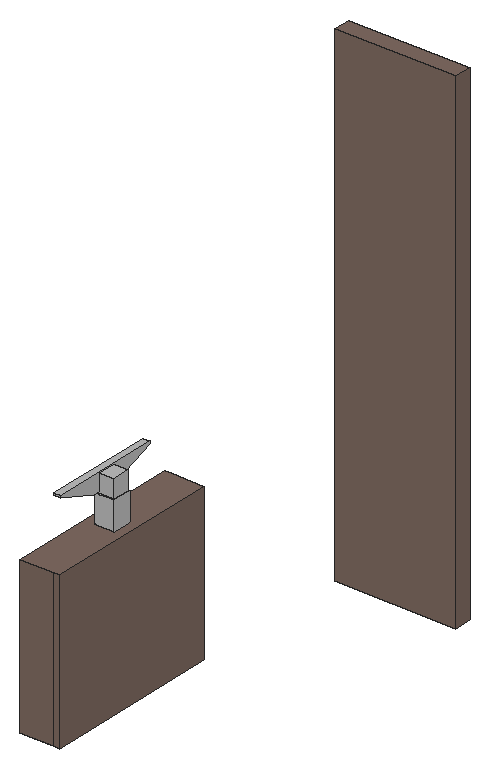
Revit family "Haworth_Masters_Credenza_Desk", category Furniture Systems, Revit 2021
Family settings
  Round Connector Dimension = Use Diameter
  Part Type = Normal
  OmniClass Number = 23.40.70.14.64.21
  OmniClass Title = Systems Furniture
  Work Plane-Based = No
  Always vertical = Yes
  Cut with Voids When Loaded = No
  Shared = No
  Room Calculation Point = No
Parameters (values of type "28d 70w Credenza Desk - Shrouds and Modesty")
  Worksurface Finish [instance] = Haworth _ Wood _ White Oak
  Worksurface Edge Finish [instance] = Haworth _ Wood _ White Oak
  Warranty = "http://www.haworth.com/resources/product-info/warranties"
  URL - Product = "http://www.haworth.com/products/desks/freestanding/masters-series"
  Top = yes
  Sustainability Info = "http://media.haworth.com/asset/94814/Masters%20series%20PEDS.pdf"
  Right Shroud = yes
  Modesty Shroud = yes
  Modesty Panel Finish = Haworth _ Wood _ White Oak
  Leg Finish = Haworth _ Paint _ Metallic Champagne
  Model = "Masters"
  Min. Depth = 22"  # constant formula
  Max. Depth = 28"  # constant formula
  Left Shroud = yes
  Height = 29"
  Width = 70"
  URL = "http://www.haworth.com/"
  Support Height = Actual Height - Worksurface Thickness  # 27 13/16"
  Size = "Verify Final Dim. w/ Haworth"  # constant formula
  Revision Number = "0"  # constant formula
  Min/Max Width = "68-70 in. @ 6 in. Increments"  # constant formula
  Height Range = "28 11/16-47 3/16 in."  # constant formula
  Min. Width = 58"  # constant formula
  Max. Width = 96"  # constant formula
  Min. Height = 28 11/16"  # constant formula
  Max. Height = 46" + Worksurface Thickness  # 47 3/16"
  Manufacturer = "Haworth"  # constant formula
  Support Offset = 1 1/4"  # constant formula
  Description = "Masters Credenza Desk"  # constant formula
  Depth = 28"
  Default Elevation = 0"
  Custom Size = not(or(and(Depth = 22", or(Width = 58", Width = 64", Width = 70")), and(Depth = 28", or(Width = 58", Width = 64", Width = 70"))))  # no
  Cabinet Finish = Haworth _ Wood _ Wenge
  Author = "SHAPE Environments, LLC"  # constant formula
  Assembly Code = "E2020200"
  Actual Width = if(Width > Max. Width, Max. Width, if(Width < Min. Width, Min. Width, Width))  # 70"
  Actual Support Depth = Actual Depth - (Support Offset * 2)  # 25 1/2"
  Actual Modesty Shroud [instance] = and(Left Shroud, Right Shroud, Modesty Shroud)  # yes
  Actual Height = if(Height > Max. Height, Max. Height, if(Height < Min. Height, Min. Height, Height))  # 29"
  Worksurface Thickness = 1 3/16"  # constant formula
  Min/Max Depth = "22, 28 in."  # constant formula
  Actual Depth = if(Depth > Max. Depth, Max. Depth, if(Depth < Min. Depth, Min. Depth, Depth))  # 28"
Types (4): name | Worksurface Finish | Worksurface Edge Finish | Right Shroud | Modesty Shroud | Modesty Panel Finish | Leg Finish | Left Shroud | Width | Depth | Custom Size | Actual Width | Actual Modesty Shroud
  28d 70w Credenza Desk - No Shrouds | Haworth_Wood Maple Natural | Haworth_Wood Maple Natural | no | no | Haworth_Wood Maple Natural | Haworth _ Paint _ Metallic Champagne | no | 70" | 28" | no | 70" | no
  28d 70w Credenza Desk - Shrouds | Haworth_Wood Maple Natural | Haworth_Wood Maple Natural | yes | no | Haworth_Wood Maple Natural | Haworth _ Paint _ Metallic Champagne | yes | 70" | 28" | no | 70" | no
  28d 70w Credenza Desk - Shrouds and Modesty | Haworth _ Wood _ White Oak | Haworth _ Wood _ White Oak | yes | yes | Haworth _ Wood _ White Oak | Haworth _ Paint _ Metallic Champagne | yes | 70" | 28" | no | 70" | yes
  36d 78w Credenza Desk | Haworth_Wood Maple Natural | Haworth_Wood Maple Natural | yes | no | Haworth _ Wood _ Undecided _ Storage | Haworth _ Paint _ Undecided _ Storage | no | 78" | 36" | yes | 78" | no
Reference planes (in)
  plane 1 "Center F/B": y = 0
  plane 2 "Floor": z = 0
  plane 3 "Center L/R": x = 0
  plane 4 "Table Edge Left": x = -35
  plane 5 "Table Edge Right": x = 35
  plane 6 "Table Edge Back": y = -14
  plane 7 "Table Edge Front": y = 14
  plane 8 "Table Bottom": z = 29
  plane 9 "Support Front Offset": y = -12.75
  plane 10 "Support Back Offset": y = 12.75
  plane 11 "masking region": z = 27
  plane 12: x = 32
  plane 13: x = -32
Forms (in)
  Extrusion 1, solid, material "Haworth _ Wood _ Wenge" <- "Cabinet Finish"
    sketch origin (-18.73104, 28.0797, 0) x (1, 0, 0) y (0, 1, 0)
      loop
        line (-12.06663, 8.99665) -> (-12.06663, 6.65802) -> (4.30837, 6.65802) -> (4.30837, 8.99665) -> (-12.06663, 8.99665)
    from 0 to 67
Lines and regions (in)
  Masking region 1, visible <- "Top"
    outline origin (0, 0, 27) x (0, -1, 0) y (1, 0, 0)
      loop
        line (-14, -35) -> (14, -35) -> (14, 35) -> (-14, 35) -> (-14, -35)
  symbolic lines, style "Haworth Hidden", detail levels fine
    curve 1: line (35, -11.5, 0) -> (35, 11.5, 0)
    curve 2: line (31.19922, -11.5, 0) -> (35, -11.5, 0)
    curve 3: line (31.19922, 11.5, 0) -> (31.19922, -11.5, 0)
    curve 4: line (35, 11.5, 0) -> (31.19922, 11.5, 0)
    curve 5: line (-31.19922, -11.5, 0) -> (-35, -11.5, 0)
    curve 6: line (-31.19922, 11.5, 0) -> (-31.19922, -11.5, 0)
    curve 7: line (-35, 11.5, 0) -> (-31.19922, 11.5, 0)
    curve 8: line (-35, -11.5, 0) -> (-35, 11.5, 0)
Dimensions and locks (in)
  "Actual Depth": plane 7 "Table Edge Front" to plane 6 "Table Edge Back"
  "Actual Width": plane 4 "Table Edge Left" to plane 5 "Table Edge Right"
  equal spacing: plane 4 "Table Edge Left", plane 3 "Center L/R", plane 5 "Table Edge Right"
  equal spacing: plane 7 "Table Edge Front", plane 1 "Center F/B", plane 6 "Table Edge Back"
  "Support Offset": plane 9 "Support Front Offset" to plane 6 "Table Edge Back"
  "Support Offset": plane 7 "Table Edge Front" to plane 10 "Support Back Offset"
  "Actual Height": plane 8 "Table Bottom" to level
  locked: plane 8 "Table Bottom" to plane 11 "masking region" at 2
  plane 5 "Table Edge Right" to plane 12 = 3"
  plane 4 "Table Edge Left" to plane 13 = 3"
  aligned and locked: plane 4 "Table Edge Left" to Masking region 1 sketch curve
  aligned and locked: Masking region 1 sketch curve to plane 7 "Table Edge Front"
  aligned and locked: plane 1 "Center F/B" to nested 1
  aligned and locked: plane 4 "Table Edge Left" to nested 1
Automatic sketch dimensions
  Masking region 1 sketch curve to plane 5 "Table Edge Right" = 0"
  curve 8 to plane 4 "Table Edge Left" = 0"
  curve 2 to plane 5 "Table Edge Right" = 0"
  curve 6 to plane 13 = 205/256"
  curve 2 to plane 12 = 205/256"
  plane 9 "Support Front Offset" to curve 2 = 1 1/4"
  plane 9 "Support Front Offset" to curve 8 = 1 1/4"
  curve 4 to plane 10 "Support Back Offset" = 1 1/4"
  curve 6 to plane 10 "Support Back Offset" = 1 1/4"
  Masking region 1 sketch curve to plane 6 "Table Edge Back" = 0"
  Extrusion 1 sketch curve to plane 13 = 1.20233"
  Extrusion 1 sketch curve to plane 3 "Center L/R" = 14.42267"
  plane 7 "Table Edge Front" to Extrusion 1 sketch curve = 20.73772"
  Extrusion 1 sketch curve to Extrusion 1 sketch curve = 2.33863"
Nested families (in)
  nested 1: "Haworth_Worksurface-Adjustable-Support_Part-Masters" at (-24.59961, 6.86431, 0) x (-1, 0, 0) z (0, 0, 1), Shroud <- "Left Shroud", type "Corner Support"
    with Shroud yes, Worksurface Height 29", Worksurface Depth 28", Support Height 27 13/16", Actual Height 29", Actual Depth 28"
Definition of nested family "Haworth_Worksurface-Adjustable-Support_Part-Masters"
  Parameters (values of type "Corner Support")
    Wedge support offset = if(Worksurface Depth = 30", 4", if(Worksurface Depth = 36", 7", if(Worksurface Depth = 42", 2 205/256", 4")))  # 4"
    Support Offset = 3/8"  # constant formula
    Worksurface Height = 30"
    Worksurface Depth = 30"
    Warranty = "www.haworth.com/en-us/Products/Pages/Certifications.aspx"
    URL - Product = "www.haworth.com/en-us/Spaces/2011-NeoCon/New-Products/Pages/Reside-Desking.aspx"
    URL = "www.haworth.com"
    Top Thickness = 1 3/16"
    Sustainability Info = "www.haworth.com/en-us/About-Us/Sustainability/Pages/Vision.aspx"
    Support Thickness = 3 205/256"  # constant formula
    Support Height = Worksurface Height - Top Thickness  # 28 13/16"
    Spacer Depth = 15"  # constant formula
    Size = "Verify Final Dim. w/ Haworth"  # constant formula
    Shroud [instance] = yes
    Revision Number = "1"  # constant formula
    Panel Finish = none
    Model = "Worksurface"
    Min/Max Height = "26-32 in."  # constant formula
    Min/Max Depth = "18-36 in."  # constant formula
    Min. Height = 20"  # constant formula
    Min. Depth = 18"  # constant formula
    Max. Height = 48"  # constant formula
    Max. Depth = 36"  # constant formula
    Manufacturer = "Haworth"  # constant formula
    Leg Finish = none
    LEED Data = "www2.haworth.com/Promo/Reside-Beside-Belong/LEED-Reside.pdf"
    Gap Depth = 3"  # constant formula
    Description = "Worksurface Support Reside"  # constant formula
    Default Elevation = 0"
    Corner Straight Support Extension = 5 3/4"  # constant formula
    Corner Angled Support Extension = 2 1/2"  # constant formula
    Bottom Strut Thickness = 1"  # constant formula
    Bottom Strut Location = 9"  # constant formula
    Author = "SHAPE Environments, LLC"  # constant formula
    Assembly Code = "E2020200"
    Actual Height = 30"
    Actual Depth = 30"
  Types (2): name | Worksurface Height | URL - Product | Support Height | LEED Data | Actual Depth
    Corner Support | 30" | "www.haworth.com/en-us/Spaces/2011-NeoCon/New-Products/Pages/Reside-Desking.aspx" | 28 13/16" | "www2.haworth.com/Promo/Reside-Beside-Belong/LEED-Reside.pdf" | 30"
    Support | 28 13/16" | "www.haworth.com/en-us/Products/Furniture/Systems/Desking-Systems/Pages/Compose.aspx" | 27 5/8" | "www.haworth.com/en-us/Products/Furniture/Systems/Desking-Systems/Pages/Compose.aspx" | 27 1/2"
  Reference planes (in)
    plane 1: z = 0
    plane 2 "Center L/R": x = 8.5
    plane 3 "Support Left Edge": x = 6.59961
    plane 4 "Support Right Edge": x = 10.40039
    plane 5 "Back": y = 7.13569
    plane 6 "Front": y = -22.86431
    plane 7 "Support Top": z = 28.8125
    plane 8 "Mid Strut Top": z = 0.8125
    plane 9 "Mid Strut Bottom": z = 3.4375
    plane 10 "Top Strut Bottom": z = 27.625
    plane 11 "Front Support Exterior": y = -20.36431
    plane 12 "Front Support Interior": y = -16.36431
    plane 13 "Back Support Interior": y = 0.63569
    plane 14 "Back Support Exterior": y = 4.63569
    plane 15 "Center F/B": y = -7.86431
    plane 16 "Leg Top": z = 28.5625
    plane 17: z = 25.3125
  Forms (in)
    Extrusion 1, solid, material <- "Leg Finish"
      sketch origin (8.5, 0, 0) x (0, 1, 0) y (0, 0, 1)
        loop
          line (4.63569, 0) -> (4.63569, 0.8125) -> (-20.36431, 0.8125) -> (-20.36431, 0) -> (4.63569, 0)
      from -1.90039 to 1.90039
    Extrusion 2, solid, material <- "Leg Finish"
      sketch origin (8.5, 0, 0) x (0, 1, 0) y (0, 0, 1)
        loop
          line (-6.56431, 0.8125) -> (-6.56431, 25.3125) -> (-9.16431, 25.3125) -> (-9.16431, 0.8125) -> (-6.56431, 0.8125)
      from -1.30078 to 1.30078
    Extrusion 3, solid, material <- "Leg Finish"
      sketch origin (8.5, 0, 0) x (0, 1, 0) y (0, 0, 1)
        loop
          line (-6.71431, 25.3125) -> (-6.71431, 28.8125) -> (-9.01431, 28.8125) -> (-9.01431, 25.3125) -> (-6.71431, 25.3125)
      from -1.14844 to 0.90039
    Extrusion 4, solid, material <- "Leg Finish"
      sketch origin (10.40039, 0, 0) x (0, 1, 0) y (0, 0, 1)
        loop
          line (0.63569, 28.5625) -> (0.63569, 28.8125) -> (-16.36431, 28.8125) -> (-16.36431, 28.5625) -> (-9.80762, 26.51695) -> (-5.921, 26.51695) -> (0.63569, 28.5625)
      from -1 to 0
    Extrusion 5, solid, material <- "Panel Finish", visible <- "Shroud"
      sketch origin (0, 0, 0) x (1, 0, 0) y (0, 1, 0)
        loop
          line (5.84961, 5.38569) -> (5.84961, -21.11431) -> (6.59961, -21.11431) -> (11.15039, -21.11431) -> (11.15039, -20.36431) -> (11.15039, 5.38569) -> (10.40039, 5.38569) -> (5.84961, 5.38569)
        loop
          line (7.19922, -6.56431) -> (7.19922, -9.16431) -> (9.80078, -9.16431) -> (9.80078, -6.56431) -> (7.19922, -6.56431)
      from 0.5 to 21.5
  Dimensions and locks (in)
    "Support Thickness": plane 3 "Support Left Edge" to plane 4 "Support Right Edge"
    equal spacing: plane 3 "Support Left Edge", plane 2 "Center L/R", plane 4 "Support Right Edge"
    "Actual Depth": plane 5 "Back" to plane 6 "Front"
    plane 7 "Support Top" to plane 10 "Top Strut Bottom" = 1 3/16"
    "Support Height": plane 7 "Support Top" to level
    "Wedge support offset": plane 14 "Back Support Exterior" to plane 13 "Back Support Interior"
    plane 7 "Support Top" to plane 9 "Mid Strut Bottom" = 25 3/8"
    equal spacing: plane 5 "Back", plane 15 "Center F/B", plane 6 "Front"
    plane 8 "Mid Strut Top" to level = 13/16"
    locked: plane 7 "Support Top" to plane 16 "Leg Top" at 0.25
    locked: Extrusion 4 sketch curve to Extrusion 4 sketch curve at 2.29555
    locked: Extrusion 4 sketch curve to Extrusion 4 sketch curve at 0.25  (x2)
    plane 5 "Back" to plane 6 "Front" = 30"
    locked: plane 5 "Back" to plane 14 "Back Support Exterior" at 2.5
    locked: plane 11 "Front Support Exterior" to plane 6 "Front" at 2.5
    "Wedge support offset": plane 12 "Front Support Interior" to plane 11 "Front Support Exterior"
    locked: Extrusion 5 sketch curve to Extrusion 1 at 0.75  (x3)
    locked: Extrusion 1 to Extrusion 5 sketch curve at 0.75
    aligned and locked: plane 4 "Support Right Edge" to Extrusion 1
    aligned and locked: plane 3 "Support Left Edge" to Extrusion 1
    aligned and locked: plane 17 to Extrusion 2
    aligned and locked: plane 17 to Extrusion 3 sketch curve
    aligned and locked: Extrusion 3 sketch curve to plane 7 "Support Top"
    aligned and locked: plane 13 "Back Support Interior" to Extrusion 4 sketch curve
    aligned and locked: Extrusion 4 sketch curve to plane 7 "Support Top"
    aligned and locked: Extrusion 4 to Extrusion 3
    aligned and locked: plane 4 "Support Right Edge" to Extrusion 4
    aligned and locked: Extrusion 4 sketch curve to plane 13 "Back Support Interior"
    aligned and locked: plane 12 "Front Support Interior" to Extrusion 4 sketch curve
  Automatic sketch dimensions
    Extrusion 1 sketch curve to level = 0"
    Extrusion 1 sketch curve to plane 11 "Front Support Exterior" = 0"
    Extrusion 1 sketch curve to plane 8 "Mid Strut Top" = 0"
    Extrusion 1 sketch curve to plane 14 "Back Support Exterior" = 0"
    Extrusion 2 sketch curve to plane 8 "Mid Strut Top" = 0"
    Extrusion 2 sketch curve to plane 17 = 0"
    Extrusion 2 sketch curve to plane 15 "Center F/B" = 1.3"
    plane 15 "Center F/B" to Extrusion 2 sketch curve = 1.3"
    Extrusion 3 sketch curve to plane 15 "Center F/B" = 1.15"
    plane 15 "Center F/B" to Extrusion 3 sketch curve = 1.15"
    Extrusion 4 sketch curve to plane 15 "Center F/B" = 1.94331"
    plane 15 "Center F/B" to Extrusion 4 sketch curve = 1.94331"
    Extrusion 5 sketch curve to plane 3 "Support Left Edge" = 0"
    Extrusion 5 sketch curve to plane 4 "Support Right Edge" = 0"
    plane 11 "Front Support Exterior" to Extrusion 5 sketch curve = 0"
    Extrusion 5 sketch curve to plane 3 "Support Left Edge" = 0.59961"
    Extrusion 5 sketch curve to plane 4 "Support Right Edge" = 0.59961"
    Extrusion 5 sketch curve to plane 15 "Center F/B" = 1.3"
    plane 15 "Center F/B" to Extrusion 5 sketch curve = 1.3"
Types in the file's own list only (18): name | Right Shroud | Modesty Shroud | Left Shroud | Width | Depth | Actual Width | Actual Support Depth | Actual Depth
  22d 58w - Credenza Desk | No | No | No | 58" | 22" | 58" | 19 1/2" | 22"
  22d 64w - Credenza Desk | No | No | No | 64" | 22" | 64" | 19 1/2" | 22"
  22d 70w - Credenza Desk | No | No | No | 70" | 22" | 70" | 19 1/2" | 22"
  28d 58w - Credenza Desk | No | No | No | 58" | 28" | 58" | 25 1/2" | 28"
  28d 64w - Credenza Desk | No | No | No | 64" | 28" | 64" | 25 1/2" | 28"
  28d 70w - Credenza Desk | No | No | No | 70" | 28" | 70" | 25 1/2" | 28"
  22d 58w - Credenza Desk - With Shroud | Yes | No | Yes | 58" | 22" | 58" | 19 1/2" | 22"
  22d 64w - Credenza Desk - With Shroud | Yes | No | Yes | 64" | 22" | 64" | 19 1/2" | 22"
  22d 70w - Credenza Desk - With Shroud | Yes | No | Yes | 70" | 22" | 70" | 19 1/2" | 22"
  28d 58w - Credenza Desk - With Shroud | Yes | No | Yes | 58" | 28" | 58" | 25 1/2" | 28"
  28d 64w - Credenza Desk - With Shroud | Yes | No | Yes | 64" | 28" | 64" | 25 1/2" | 28"
  28d 70w - Credenza Desk - With Shroud | Yes | No | Yes | 70" | 28" | 70" | 25 1/2" | 28"
  22d 58w - Credenza Desk - With Shroud and Modesty Panel | Yes | Yes | Yes | 58" | 22" | 58" | 19 1/2" | 22"
  22d 64w - Credenza Desk - With Shroud and Modesty Panel | Yes | Yes | Yes | 64" | 22" | 64" | 19 1/2" | 22"
  22d 70w - Credenza Desk - With Shroud and Modesty Panel | Yes | Yes | Yes | 70" | 22" | 70" | 19 1/2" | 22"
  28d 58w - Credenza Desk - With Shroud and Modesty Panel | Yes | Yes | Yes | 58" | 28" | 58" | 25 1/2" | 28"
  28d 64w - Credenza Desk - With Shroud and Modesty Panel | Yes | Yes | Yes | 64" | 28" | 64" | 25 1/2" | 28"
  28d 70w - Credenza Desk - With Shroud and Modesty Panel | Yes | Yes | Yes | 70" | 28" | 70" | 25 1/2" | 28"
